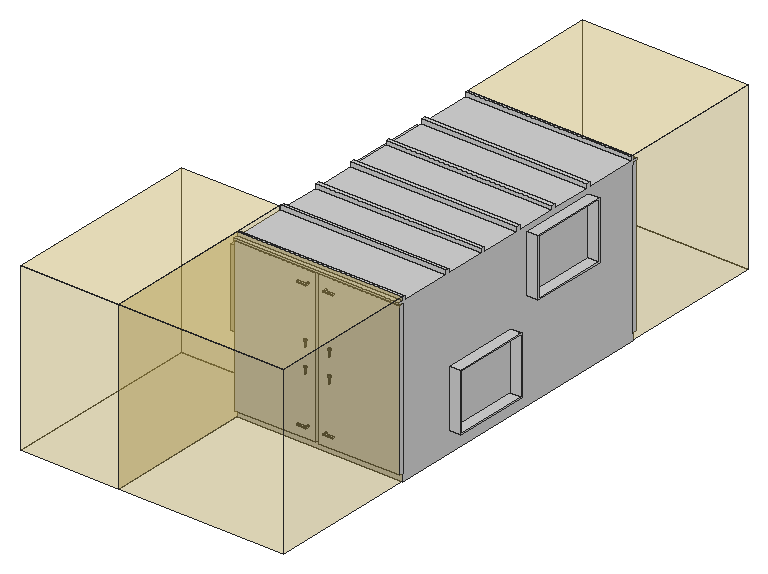
Revit family "Ventilator-RenewAire-Energy-Recovery-LE6XINH", category Mechanical Equipment, Revit 2015
Parameters (values of type "3.0 HP 208-230V Single Phase")
  Voltage = "208-230"
  Ventilation Type = "Static Plate, Heat and Humidity Transfer"
  Unit Width = "125-1/2\""
  Unit Weight - Modular = "943 - 1,367 lbs."
  Unit Weight - Assembled = "1,975 - 2,630 lbs."
  Unit Length = "81-1/2\""
  Unit Height = "71-1/4\""
  Unit = Metal - RenewAire - Anodized - Gray Text
  URL = "www.renewaire.com"
  Typical Airflow Range = "1,500 - 6,600 CFM"
  Standard Features = "TEFC Premium efficiency motors, Motor starters, Non-fused disconnect, 24 VAC transformer/relay package"
  Shipping Weight - Assembled = "2,912 lbs."
  Service Area Visibility = yes
  Service Area Box = Interference - RenewAire - Smooth - Light - Gold
  Revit Object Download Link = ""
  Phase = "Single"
  Options = "Integrated programmable controls, Fused disconnect, Double wall construction, Factory supplied and mounted variable frequency drives (VFDs) - one or both airstreams, Class 1 low-leakage motorized isolation dampers - OA, RA or both airstreams, Qty. 2 Factory mounted filter alarms, Exterior Paint - white, custom colors, Spring Vibration Isolators"
  Number Motors = "Qty. 2, Belt drive blower/ standard motor packages with choice of adjustable sheaves for low, medium or high blower speed"
  Model = "LE6XINH"
  Minimum Circuit Amps = "33.1 A"
  Maximum Overcurrent Protection = "40 A"
  Max. Shipping Width - Modular = "90\""
  Max. Shipping Width - Assembled = "90\""
  Max. Shipping Weight - Module 2 = "1,406 lbs."
  Max. Shipping Weight - Module 1 = "1,508 lbs."
  Max. Shipping Length - Modular = "80\""
  Max. Shipping Length - Assembled = "160\""
  Max. Shipping Height - Modular = "78\""
  Max. Shipping Height - Assembled = "78\""
  Manufacturer = "RenewAire LLC"
  Frequency = "60 HZ"
  FLA per Motor = "14.7 - 14"
  Description = "Energy Recovery Ventilator"
  Connector Base Material = Glass - With - Transparency
  Accessories = "Filters - MERV 13, 2\" or 4\"; MERV 8, 4\"  (shipped loose), Digital time clock - wall mount(TC7D-W), in exterior enclosure (TC7D-E), Motion occupancy control - ceiling mount(MC-C), wall mount(MC-W), Carbon Dioxide control - duct mount(CO2-D), wall mount (CO2-W), Electric duct heater – EK series (1-60 kW), EH series (61-175 kW), Indirect gas-fired duct furnace - GH series (50-400 MBH), installed downstream of any fans"
  AHRI 1060 Certified Core = "Six L125-G5"
Types (11): name | Voltage | Phase | Minimum Circuit Amps | Maximum Overcurrent Protection | Max. Shipping Length - Modular | FLA per Motor
  (no name) | "208-230" | "Single" | "33.1 A" | "40 A" | "80\"" | "14.7 - 14"
  3.0 HP 208-230V Single Phase | "208-230" | "Single" | "33.1 A" | "40 A" | "80\"" | "14.7 - 14"
  3.0 HP 208-230V Three Phase | "208-230" | "Three" | "21.1 A" | "25 A" | "80\"" | "9.38-8.48"
  3.0 HP 460V Three Phase | "460" | "Three" | "9.5 A" | "15 A" | "90\"" | "4.24"
  3.0 HP 575V Three Phase | "575" | "Three" | "7.4 A" | "15 A" | "80\"" | "3.3"
  5.0 HP 208-230V Three Phase | "208-230" | "Three" | "32.6 A" | "45 A" | "80\"" | "14.5-13.4"
  5.0 HP 460V Three Phase | "460" | "Three" | "15.1 A" | "20 A" | "80\"" | "6.7"
  5.0 HP 575V Three Phase | "575" | "Three" | "11.9 A" | "15 A" | "80\"" | "5.3"
  7.5 HP 208-230V Three Phase | "208-230" | "Three" | "47.3 A" | "60 A" | "80\"" | "21.0-19.0"
  7.5 HP 460V Three Phase | "460" | "Three" | "21.4 A" | "25 A" | "80\"" | "9.5"
  7.5 HP 575V Three Phase | "575" | "Three" | "17.1 A" | "20 A" | "80\"" | "7.6"
Reference planes (in)
  plane 1 "Center (Front/Back)": y = 0
  plane 2: z = 0
  plane 3 "Center (Left/Right)": x = 0
Forms (in)
  Extrusion 1, solid, material "Metal - RenewAire - Anodized - Gray Text"
    sketch origin (-0.48313, -5.9375, 75.0345) x (1, 0, 0) y (0, 0, -1)
      loop
        circle (-3.25, 67.0345) r 0.25
    from -56.3125 to -55.5625
  Extrusion 2, solid, material "Metal - RenewAire - Anodized - Gray Text"
    sketch origin (-0.48313, -5.9375, 75.0345) x (0, 1, 0) y (0, 0, -1)
      loop
        line (-56.3125, 67.2845) -> (-57.1875, 67.2845) -> (-57.1875, 66.7845) -> (-56.3125, 66.7845) -> (-56.3125, 67.2845)
    from 2.95437 to 7.02735
  Extrusion 3, solid, material "Metal - RenewAire - Anodized - Gray Text"
    sketch origin (-0.4375, -5.9375, 128.569) x (1, 0, 0) y (0, 0, -1)
      loop
        circle (-3.25, 67.0345) r 0.25
    from -56.3125 to -55.5625
  Extrusion 4, solid, material "Metal - RenewAire - Anodized - Gray Text"
    sketch origin (-0.48313, -5.9375, 128.569) x (0, 1, 0) y (0, 0, -1)
      loop
        line (-56.3125, 67.2845) -> (-57.1875, 67.2845) -> (-57.1875, 66.7845) -> (-56.3125, 66.7845) -> (-56.3125, 67.2845)
    from 2.95437 to 7.02735
  Extrusion 5, solid, material "Interference - RenewAire - Smooth - Light - Gold", visible <- "Service Area Visibility"
    sketch origin (19.25, 0, 0) x (1, 0, 0) y (0, 1, 0)
      loop
        line (-53.8125, -38.125) -> (-94.8125, -38.125) -> (-94.8125, -122.25) -> (-53.8125, -122.25) -> (-53.8125, -38.125)
    from 0 to 69.25
  Extrusion 6, solid, material "Interference - RenewAire - Smooth - Light - Gold", visible <- "Service Area Visibility"
    sketch origin (0, -45.75, 0) x (1, 0, 0) y (0, 1, 0)
      loop
        line (34.5625, -14.25) -> (-34.5625, -14.25) -> (-34.5625, -76.5) -> (34.5625, -76.5) -> (34.5625, -14.25)
    from 0 to 69.25
  Extrusion 7, solid, material "Metal - RenewAire - Anodized - Gray Text"
    sketch origin (0, 0, 0) x (0, 1, 0) y (0, 0, 1)
      loop
        line (59.25, 67.5) -> (37.55, 67.5) -> (37.55, 69.25) -> (36.05, 69.25) -> (36.05, 67.5) -> (19.15, 67.5) -> (19.15, 69.25) -> (17.65, 69.25) -> (17.65, 67.5) -> (0.75, 67.5) -> (0.75, 69.25) -> (-0.75, 69.25) -> (-0.75, 67.5) -> (-17.65, 67.5) -> (-17.65, 69.25) -> (-19.15, 69.25) -> (-19.15, 67.5) -> (-36.05, 67.5) -> (-36.05, 69.25) -> (-37.55, 69.25) -> (-37.55, 67.5) -> (-59.25, 67.5) -> (-59.25, 69.25) -> (-60, 69.25) -> (-60, 67.75) -> (-62, 67.75) -> (-62, 67) -> (-60, 67) -> (-60, 0) -> (60, 0) -> (60, 67) -> (62, 67) -> (62, 67.75) -> (60, 67.75) -> (60, 69.25) -> (59.25, 69.25) -> (59.25, 67.5)
    from -34.5625 to 34.5625
  Extrusion 8, solid, material "Interference - RenewAire - Smooth - Light - Gold", visible <- "Service Area Visibility"
    sketch origin (0, -32.65268, 0) x (1, 0, 0) y (0, 1, 0)
      loop
        line (34.5625, 152.90268) -> (-34.5625, 152.90268) -> (-34.5625, 92.65268) -> (34.5625, 92.65268) -> (34.5625, 152.90268)
    from 0 to 69.25
  Extrusion 9, solid, material "Metal - RenewAire - Anodized - Gray Text"
    sketch origin (0, 0, 0) x (1, 0, 0) y (0, 0, 1)
      loop
        line (-34.5625, 66.5) -> (-34.5625, 3) -> (-0.5625, 3) -> (-0.5625, 66.5) -> (-34.5625, 66.5)
    from 60 to 61.5
  Extrusion 10, solid, material "Metal - RenewAire - Anodized - Gray Text"
    sketch origin (-6.80202, 0, 0) x (1, 0, 0) y (0, 0, 1)
      loop
        line (7.36452, 66.5) -> (7.36452, 3) -> (41.36452, 3) -> (41.36452, 66.5) -> (7.36452, 66.5)
    from 60 to 61.5
  Extrusion 11, solid, material "Metal - RenewAire - Anodized - Gray Text"
    sketch origin (0, 0, 0) x (1, 0, 0) y (0, 0, 1)
      loop
        line (-34.5625, 66.5) -> (-34.5625, 3) -> (-0.5625, 3) -> (-0.5625, 66.5) -> (-34.5625, 66.5)
    from -61.5 to -60
  Extrusion 12, solid, material "Metal - RenewAire - Anodized - Gray Text"
    sketch origin (-6.80202, 0, 0) x (1, 0, 0) y (0, 0, 1)
      loop
        line (7.36452, 66.5) -> (7.36452, 3) -> (41.36452, 3) -> (41.36452, 66.5) -> (7.36452, 66.5)
    from -61.5 to -60
  Extrusion 13, solid, material "Metal - RenewAire - Anodized - Gray Text"
    sketch origin (0, 0, 0) x (0, 1, 0) y (0, 0, 1)
      loop
        line (-38.125, 62) -> (-57.5, 62) -> (-57.5, 29.625) -> (-38.125, 29.625) -> (-38.125, 62)
    from -39.5625 to -34.5625
  Extrusion 14, solid, material "Metal - RenewAire - Anodized - Gray Text"
    sketch origin (0, 0, 0) x (0, 1, 0) y (0, 0, 1)
      loop
        line (-49, 43.625) -> (-51.5, 43.625) -> (-51.5, 41.125) -> (-49, 41.125) -> (-49, 43.625)
    from -39.8125 to -39.5625
  Extrusion 15, solid, material "Metal - RenewAire - Anodized - Gray Text"
    sketch origin (0, 0, 0) x (0, 1, 0) y (0, 0, 1)
      loop
        circle (-50.24745, 42.375) r 1
    from -40.8125 to -39.8125
  Extrusion 16, solid, material "Metal - RenewAire - Anodized - Gray Text"
    sketch origin (0.48313, -5.9375, 75.0345) x (-1, 0, 0) y (0, 0, 1)
      loop
        circle (-3.25, -67.0345) r 0.25
    from -56.3125 to -55.5625
  Extrusion 17, solid, material "Metal - RenewAire - Anodized - Gray Text"
    sketch origin (0.48313, -5.9375, 75.0345) x (0, 1, 0) y (0, 0, 1)
      loop
        line (-56.3125, -67.2845) -> (-56.3125, -66.7845) -> (-57.1875, -66.7845) -> (-57.1875, -67.2845) -> (-56.3125, -67.2845)
    from 2.95437 to 7.02735
  Extrusion 18, solid, material "Metal - RenewAire - Anodized - Gray Text"
    sketch origin (0.4375, -5.9375, 128.569) x (-1, 0, 0) y (0, 0, 1)
      loop
        circle (-3.25, -67.0345) r 0.25
    from -56.3125 to -55.5625
  Extrusion 19, solid, material "Metal - RenewAire - Anodized - Gray Text"
    sketch origin (0.48313, -5.9375, 128.569) x (0, 1, 0) y (0, 0, 1)
      loop
        line (-56.3125, -67.2845) -> (-56.3125, -66.7845) -> (-57.1875, -66.7845) -> (-57.1875, -67.2845) -> (-56.3125, -67.2845)
    from 2.95437 to 7.02735
  Extrusion 20, solid, material "Metal - RenewAire - Anodized - Gray Text"
    sketch origin (-0.48313, 5.9375, 75.0345) x (1, 0, 0) y (0, 0, 1)
      loop
        circle (-3.25, -67.0345) r 0.25
    from -56.3125 to -55.5625
  Extrusion 21, solid, material "Metal - RenewAire - Anodized - Gray Text"
    sketch origin (-0.48313, 5.9375, 75.0345) x (0, -1, 0) y (0, 0, 1)
      loop
        line (-56.3125, -67.2845) -> (-56.3125, -66.7845) -> (-57.1875, -66.7845) -> (-57.1875, -67.2845) -> (-56.3125, -67.2845)
    from 2.95437 to 7.02735
  Extrusion 22, solid, material "Metal - RenewAire - Anodized - Gray Text"
    sketch origin (-0.4375, 5.9375, 128.569) x (1, 0, 0) y (0, 0, 1)
      loop
        circle (-3.25, -67.0345) r 0.25
    from -56.3125 to -55.5625
  Extrusion 23, solid, material "Metal - RenewAire - Anodized - Gray Text"
    sketch origin (-0.48313, 5.9375, 128.569) x (0, -1, 0) y (0, 0, 1)
      loop
        line (-56.3125, -67.2845) -> (-56.3125, -66.7845) -> (-57.1875, -66.7845) -> (-57.1875, -67.2845) -> (-56.3125, -67.2845)
    from 2.95437 to 7.02735
  Extrusion 24, solid, material "Metal - RenewAire - Anodized - Gray Text"
    sketch origin (0.48313, 5.9375, 75.0345) x (-1, 0, 0) y (0, 0, -1)
      loop
        circle (-3.25, 67.0345) r 0.25
    from -56.3125 to -55.5625
  Extrusion 25, solid, material "Metal - RenewAire - Anodized - Gray Text"
    sketch origin (0.48313, 5.9375, 75.0345) x (0, -1, 0) y (0, 0, -1)
      loop
        line (-56.3125, 67.2845) -> (-57.1875, 67.2845) -> (-57.1875, 66.7845) -> (-56.3125, 66.7845) -> (-56.3125, 67.2845)
    from 2.95437 to 7.02735
  Extrusion 26, solid, material "Metal - RenewAire - Anodized - Gray Text"
    sketch origin (0.4375, 5.9375, 128.569) x (-1, 0, 0) y (0, 0, -1)
      loop
        circle (-3.25, 67.0345) r 0.25
    from -56.3125 to -55.5625
  Extrusion 27, solid, material "Metal - RenewAire - Anodized - Gray Text"
    sketch origin (0.48313, 5.9375, 128.569) x (0, -1, 0) y (0, 0, -1)
      loop
        line (-56.3125, 67.2845) -> (-57.1875, 67.2845) -> (-57.1875, 66.7845) -> (-56.3125, 66.7845) -> (-56.3125, 67.2845)
    from 2.95437 to 7.02735
  Extrusion 28, solid, material "Metal - RenewAire - Anodized - Gray Text"
    sketch origin (0, 0, 0) x (0, 1, 0) y (0, 0, 1)
      loop
        line (36.25, 66.375) -> (4.25, 66.375) -> (4.25, 42.375) -> (36.25, 42.375) -> (36.25, 66.375)
      loop
        line (36, 66.125) -> (4.5, 66.125) -> (4.5, 42.625) -> (36, 42.625) -> (36, 66.125)
    from -36.5625 to -34.5625
  Extrusion 29, solid, material "Metal - RenewAire - Anodized - Gray Text"
    sketch origin (0, 0, 0) x (0, 1, 0) y (0, 0, 1)
      loop
        line (-4.25, 32.75) -> (-36.25, 32.75) -> (-36.25, 8.75) -> (-4.25, 8.75) -> (-4.25, 32.75)
      loop
        line (-4.5, 32.5) -> (-36, 32.5) -> (-36, 9) -> (-4.5, 9) -> (-4.5, 32.5)
    from -36.5625 to -34.5625
  Extrusion 30, solid, material "Metal - RenewAire - Anodized - Gray Text"
    sketch origin (0, 0, 0) x (0, 1, 0) y (0, 0, 1)
      loop
        line (4.25, 65.5) -> (4.25, 41.5) -> (36.25, 41.5) -> (36.25, 65.5) -> (4.25, 65.5)
      loop
        line (4.5, 65.25) -> (4.5, 41.75) -> (36, 41.75) -> (36, 65.25) -> (4.5, 65.25)
    from 34.5625 to 39.5625
  Extrusion 31, solid, material "Metal - RenewAire - Anodized - Gray Text"
    sketch origin (0, 0, 0) x (0, 1, 0) y (0, 0, 1)
      loop
        line (-36.25, 32.75) -> (-36.25, 8.75) -> (-4.25, 8.75) -> (-4.25, 32.75) -> (-36.25, 32.75)
      loop
        line (-36, 32.5) -> (-36, 9) -> (-4.5, 9) -> (-4.5, 32.5) -> (-36, 32.5)
    from 34.5625 to 39.5625
Dimensions and locks (in)
  aligned and locked: level to plane 2
Nested families (in)
  nested 1: "Monitoring Port" at (-5.0625, -61.5, 27.071), type "Monitoring Port"
  nested 2: "Monitoring Port" at (-5.0625, -61.5, 37.1055), type "Monitoring Port"
  nested 3: "Monitoring Port" at (5.0625, -61.5, 27.071) x (-1, 0, 0) z (0, 0, 1), type "Monitoring Port"
  nested 4: "Monitoring Port" at (5.0625, -61.5, 37.1055) x (-1, 0, 0) z (0, 0, 1), type "Monitoring Port"
  nested 5: "Monitoring Port" at (-5.0625, 61.5, 27.071), type "Monitoring Port"
  nested 6: "Monitoring Port" at (-5.0625, 61.5, 37.1055), type "Monitoring Port"
  nested 7: "Monitoring Port" at (5.0625, 61.5, 27.071) x (-1, 0, 0) z (0, 0, 1), type "Monitoring Port"
  nested 8: "Monitoring Port" at (5.0625, 61.5, 37.1055) x (-1, 0, 0) z (0, 0, 1), type "Monitoring Port"
Connectors (in)
  hvac at (39.5625, -20.25, 20.75)
    settings: on Extrusion 31, index 1, duct flow 0 CFM, flow factor 0, pres drop 0.00 in-wg, loss coef 0, conn angle 0.00°, conn width 32", conn height 24", conn diameter 24", duct sys type 2, conn prof type 1, flow config 0, flow direction 1, loss method 0, conn ref index -1, conn util no, is conn primary yes, conn desc "RA (Return Air)"
  hvac at (39.5625, 20.25, 53.5)
    settings: on Extrusion 30, index 2, duct flow 0 CFM, flow factor 0, pres drop 0.00 in-wg, loss coef 0, conn angle 0.00°, conn width 32", conn height 24", conn diameter 24", duct sys type 1, conn prof type 1, flow config 0, flow direction 1, loss method 0, conn ref index -1, conn util no, is conn primary no, conn desc "OA (Outside Air)"
  hvac at (-36.5625, -20.25, 20.75)
    settings: on Extrusion 29, index 3, duct flow 0 CFM, flow factor 0, pres drop 0.00 in-wg, loss coef 0, conn angle 0.00°, conn width 32", conn height 24", conn diameter 24", duct sys type 1, conn prof type 1, flow config 0, flow direction 2, loss method 0, conn ref index -1, conn util no, is conn primary no, conn desc "FA (Fresh Air)"
  hvac at (-36.5625, 20.25, 54.375)
    settings: on Extrusion 28, index 4, duct flow 0 CFM, flow factor 0, pres drop 0.00 in-wg, loss coef 0, conn angle 0.00°, conn width 32", conn height 24", conn diameter 24", duct sys type 3, conn prof type 1, flow config 0, flow direction 2, loss method 0, conn ref index -1, conn util no, is conn primary no, conn desc "EA (Exhaust Air)"
Definition of nested family "Monitoring Port"
  Parameters (values of type "Monitoring Port")
    URL = "www.renewaire.com"
    Revit Object Download Link = ""
    Model = ""
    Manufacturer = "RenewAire LLC"
    Description = "Monitoring Ports"
  Reference planes (in)
    plane 1 "Center (Front/Back)": y = 0
    plane 2: z = 0
    plane 3 "Center (Left/Right)": x = 0
  Forms (in)
    Extrusion 1, solid
      sketch origin (-9.43348, 0, 37.76669) x (-1, 0, 0) y (0, 0, -1)
        loop
          line (-9.53348, 35.65895) -> (-9.94097, 35.42369) -> (-9.94097, 34.83769) -> (-9.43348, 34.54469) -> (-8.92599, 34.83769) -> (-8.92599, 35.42369) -> (-9.33348, 35.65895) -> (-9.33348, 37.28756)
          arc (-9.33348, 37.28756) -> (-9.43348, 37.76669) -> (-9.53348, 37.28756) r 0.25
          line (-9.53348, 37.28756) -> (-9.53348, 35.65895)
      from 0 to 0.25
  Dimensions and locks (in)
    aligned and locked: level to plane 2
